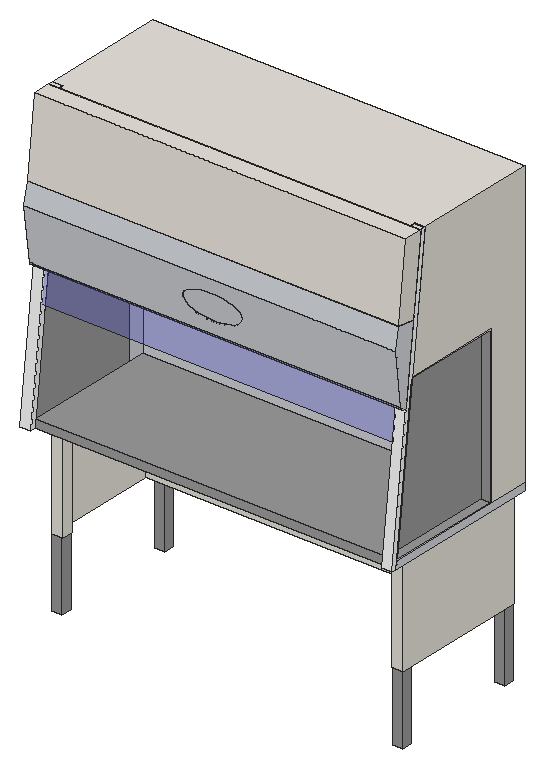
Revit family "NU-140 Vertical Airflow Workstation", category Mechanical Equipment, Revit 2018
Family settings
  Round Connector Dimension = Use Diameter
  Part Type = Normal
  OmniClass Number = 23.75.00.00
  OmniClass Title = Climate Control (HVAC)
  Work Plane-Based = No
  Always vertical = Yes
  Cut with Voids When Loaded = No
  Shared = No
  Room Calculation Point = No
Parameters (values of type "NU-140-630")
  WORKZONE WIDTH = 5' - 10"
  WORKZONE DEPTH = 2' - 3"
  WIDTH = 6' - 2"
  Model = "NU-140-630 VERTICAL AIRFLOW WORKSTATION"
  Manufacturer = "Nuaire inc."
  DEPTH = 2' - 8"
Types (5): name | WORKZONE WIDTH | WIDTH | Model
  (no name) | 5' - 10" | 6' - 2" | "NU-140-630 VERTICAL AIRFLOW WORKSTATION"
  NU-140-330 | 2' - 10" | 3' - 2" | "NU-140-330 VERTICAL AIRFLOW WORKSTATION"
  NU-140-430 | 3' - 10" | 4' - 2" | "NU-140-430 VERTICAL AIRFLOW WORKSTATION"
  NU-140-530 | 4' - 10" | 5' - 2" | "NU-140-530 VERTICAL AIRFLOW WORKSTATION"
  NU-140-630 | 5' - 10" | 6' - 2" | "NU-140-630 VERTICAL AIRFLOW WORKSTATION"
Reference planes (in)
  plane 1 "Center (Front/Back)": y = 0
  plane 2: z = 0
  plane 3 "Center (Left/Right)": x = 0
  plane 4 "WS THICKNESS": z = 34.5
  plane 5 "WS TOP": z = 36
  plane 6: x = -35
  plane 7: x = 35
  plane 8: y = -16
  plane 9: y = 11
  plane 10: z = 92.5
  plane 11: x = 35.125
  plane 12: x = -35.125
  plane 13: z = 13.75
Forms (in)
  Extrusion 1, solid
    sketch origin (0, 0, 0) x (1, 0, 0) y (0, 1, 0)
      loop
        line (-37, -16) -> (37, -16) -> (37, 16) -> (-37, 16) -> (-37, -16)
    from 34.5 to 36
  Extrusion 2, void
    sketch origin (0, 0, 0) x (0, 1, 0) y (0, 0, 1)
      loop
        line (-16, 34.5) -> (-15.81582, 36) -> (-16, 36) -> (-16, 34.5)
    from -37 to 37
  Extrusion 3, solid
    sketch origin (0, 0, 0) x (0, 1, 0) y (0, 0, 1)
      loop
        line (-15.81582, 36) -> (7.75, 36) -> (7.75, 67) -> (-12.0095, 67) -> (-15.81582, 36)
    from -37 to 37
  Extrusion 4, void
    sketch origin (0, 0, 0) x (0, 1, 0) y (0, 0, 1)
      loop
        line (-16, 36) -> (11, 36) -> (11, 67) -> (-16, 67) -> (-16, 36)
    from -35 to 35
  Extrusion 5, solid
    sketch origin (0, 0, 0) x (1, 0, 0) y (0, 1, 0)
      loop
        line (-37, 16) -> (-37, 7.75) -> (-35, 7.75) -> (-35, 11) -> (35, 11) -> (35, 7.75) -> (37, 7.75) -> (37, 16) -> (-37, 16)
    from 36 to 92.5
  Extrusion 6, solid
    sketch origin (0, 0, 0) x (1, 0, 0) y (0, 1, 0)
      loop
        line (-35, 16) -> (-35, 7.75) -> (35, 7.75) -> (35, 16) -> (-35, 16)
    from 67 to 92.5
  Extrusion 7, solid
    sketch origin (0, 0, 0) x (0, 1, 0) y (0, 0, 1)
      loop
        line (7.75, 67) -> (7.75, 92.5) -> (-8.8785, 92.5) -> (-12.0095, 67) -> (7.75, 67)
    from -37 to 37
  Extrusion 8, void
    sketch origin (37, 0, 0) x (0, -1, 0) y (0, 0, 1)
      loop
        line (11.89891, 66.875) -> (-7.625, 66.875) -> (-7.625, 36.125) -> (15.67454, 36.125) -> (11.89891, 66.875)
    from 0 to 1.875
  Extrusion 9, void
    sketch origin (-37, 0, 0) x (0, 1, 0) y (0, 0, 1)
      loop
        line (7.625, 66.875) -> (-11.89891, 66.875) -> (-15.67454, 36.125) -> (7.625, 36.125) -> (7.625, 66.875)
    from 0 to 1.875
  Extrusion 10, solid
    sketch origin (-37, 0, 0) x (0, -1, 0) y (0, 0, 1)
      loop
        line (9.88601, 92.5) -> (8.8785, 92.5) -> (16, 34.5) -> (17.00751, 34.5) -> (9.88601, 92.5)
    from -74 to -72
  Extrusion 11, solid
    sketch origin (0, 0, 0) x (0, 1, 0) y (0, 0, 1)
      loop
        line (-16, 34.5) -> (-8.8785, 92.5) -> (-9.88601, 92.5) -> (-17.00751, 34.5) -> (-16, 34.5)
    from -37 to -35
  Extrusion 12, solid
    sketch origin (0, 0, 0) x (0, 1, 0) y (0, 0, 1)
      loop
        line (-9.88601, 92.5) -> (-13.41229, 92.5) -> (-15.23983, 77.6159) -> (-11.76592, 77.18935) -> (-9.88601, 92.5)
    from -37 to 37
  Extrusion 13, solid
    sketch origin (0, -8.8785, 92.5) x (0, 1, 0) y (-1, 0, 0)
      loop
        line (0, 35) -> (-1.00751, 35) -> (-1.00751, -35) -> (0, -35) -> (0, 35)
    from 0 to -1.29965
  Extrusion 14, solid
    sketch origin (0, 0, 0) x (0, 1, 0) y (0, 0, 1)
      loop
        line (-11.51687, 77.21133) -> (-14.16752, 55.62346) -> (-13.91939, 55.59299) -> (-11.26873, 77.18087) -> (-11.51687, 77.21133)
    from -35 to 35
  Extrusion 15, solid
    sketch origin (0, 0, 0) x (0, 1, 0) y (0, 0, 1)
      loop
        line (-11.78115, 77.06528) -> (-15.24639, 77.49076) -> (-16.03353, 73.44125) -> (-14.72578, 62.79051)
        arc (-14.72578, 62.79051) -> (-14.46861, 62.39449) -> (-14.02214, 62.24076) r 0.72519
        line (-14.02214, 62.24076) -> (-13.60137, 62.24076) -> (-11.78115, 77.06528)
    from -37 to 37
  Extrusion 16, void
    sketch origin (-0.29361, -16.12439, 74.18124) x (0, -0.121869, 0.992546) y (1, 0, 0)
      loop
        spline (-6.09169, -5.67514) -> (-5.37994, -5.47176) -> (-4.71669, -4.87548) -> (-4.14715, -3.92694) -> (-3.71012, -2.69077) -> (-3.4354, -1.25122) -> (-3.34169, 0.29361) -> (-3.4354, 1.83843) -> (-3.71012, 3.27798) -> (-4.14715, 4.51415) -> (-4.71669, 5.4627) -> (-5.37994, 6.05898) -> (-6.09169, 6.26236)
        spline (-6.09169, 6.26236) -> (-6.80345, 6.05898) -> (-7.46669, 5.4627) -> (-8.03624, 4.51415) -> (-8.47326, 3.27798) -> (-8.74799, 1.83843) -> (-8.84169, 0.29361) -> (-8.74799, -1.25122) -> (-8.47326, -2.69077) -> (-8.03624, -3.92694) -> (-7.46669, -4.87548) -> (-6.80345, -5.47176) -> (-6.09169, -5.67514)
    from -1.74367 to 0.06491
  Extrusion 17, solid
    sketch origin (0, 0, 0) x (1, 0, 0) y (0, 1, 0)
      loop
        line (-35, 16) -> (-35, -11.75) -> (-32.75, -11.75) -> (-32.75, -9.5) -> (-34.75, -9.5) -> (-34.75, 13.75) -> (-32.75, 13.75) -> (-32.75, 16) -> (-35, 16)
      loop
        line (35, 16) -> (32.75, 16) -> (32.75, 13.75) -> (34.75, 13.75) -> (34.75, -9.5) -> (32.75, -9.5) -> (32.75, -11.75) -> (35, -11.75) -> (35, 16)
    from 13.75 to 34.5
  Extrusion 18, solid
    sketch origin (0, 0, 0) x (1, 0, 0) y (0, 1, 0)
      loop
        line (-34.8828, 15.84075) -> (-34.8828, 13.84075) -> (-32.8828, 13.84075) -> (-32.8828, 15.84075) -> (-34.8828, 15.84075)
      loop
        line (32.875, 15.84075) -> (32.875, 13.84075) -> (34.875, 13.84075) -> (34.875, 15.84075) -> (32.875, 15.84075)
      loop
        line (32.875, -9.69329) -> (32.875, -11.69329) -> (34.875, -11.69329) -> (34.875, -9.69329) -> (32.875, -9.69329)
      loop
        line (-34.8828, -11.69329) -> (-32.8828, -11.69329) -> (-32.8828, -9.69329) -> (-34.8828, -9.69329) -> (-34.8828, -11.69329)
    from 0 to 13.75
  Extrusion 19, solid
    sketch origin (0, 0, 0) x (0, 1, 0) y (0, 0, 1)
      loop
        line (13.48679, 23.65295) -> (11.23679, 23.65295) -> (11.23679, 13.90295) -> (13.48679, 13.90295) -> (13.48679, 23.65295)
    from -34.75 to 34.75
  Extrusion 20, solid
    sketch origin (37, 16, 0) x (-1, 0, 0) y (0, 0, 1)
      loop
        circle (2, 82.5) r 0.5
    from 0 to 0.10433
Cuts and joins
  Extrusion 2, Extrusion 4 cuts Extrusion 1
  Extrusion 4, Extrusion 8, Extrusion 9 cuts Extrusion 3
  Extrusion 16 cuts Extrusion 7
  Extrusion 16 cuts Extrusion 13
  joined: Extrusion 5, Extrusion 6, Extrusion 7, Extrusion 13
  Extrusion 16 cuts Extrusion 14
  Extrusion 16 cuts Extrusion 15
Dimensions and locks (in)
  equal spacing: Extrusion 1 sketch curve, plane 3 "Center (Left/Right)", Extrusion 1 sketch curve
  equal spacing: Extrusion 1 sketch curve, plane 1 "Center (Front/Back)", Extrusion 1 sketch curve, locked at 16 each
  locked: Extrusion 1 sketch curve to Extrusion 1 sketch curve at 32
  "WIDTH": Extrusion 1 sketch curve to Extrusion 1 sketch curve
  locked: plane 4 "WS THICKNESS" to plane 2 at 34.5
  locked: plane 5 "WS TOP" to plane 4 "WS THICKNESS" at 1.5
  equal spacing: plane 6, plane 3 "Center (Left/Right)", plane 7
  "WORKZONE WIDTH": plane 6 to plane 7
  locked: Extrusion 3 sketch curve to Extrusion 3 sketch curve at 31
  locked: Extrusion 3 sketch curve to cut or joined group of Extrusion 1, Extrusion 2, Extrusion 4 at 8.25
  "WORKZONE DEPTH": plane 9 to plane 8
  locked: plane 11 to plane 7 at 0.125
  locked: plane 12 to plane 6 at 0.125
  locked: plane 4 "WS THICKNESS" to Extrusion 11 at 58
  plane 6 to Extrusion 13 = 5' - 10"
  cut or joined group of Extrusion 3, Extrusion 4, Extrusion 8, Extrusion 9 to Extrusion 14 sketch curve to Extrusion 14 sketch curve = 0' - 0.50549" locked, 0' - 0 1/4" locked
  Extrusion 14 sketch curve to plane 5 "WS TOP" = 1' - 7.59299"
  equal spacing: plane 7, Extrusion 16 sketch curve, plane 6
  Extrusion 18 sketch curve to Extrusion 18 sketch curve to plane 6 = 0' - 2" locked, 0' - 0 15/128" locked
  Extrusion 18 sketch curve to Extrusion 18 sketch curve to Extrusion 18 sketch curve = 0' - 2" locked, 1' - 11.53403"
  locked: Extrusion 18 sketch curve to Extrusion 18 sketch curve at 2
  Extrusion 18 sketch curve to Extrusion 18 sketch curve to plane 7 = 0' - 2" locked, 0' - 0 1/8" locked
  locked: Extrusion 17 sketch curve to Extrusion 17 sketch curve at 0.25  (x2)
  locked: Extrusion 17 sketch curve to Extrusion 17 sketch curve at 2.25  (x2)
  locked: Extrusion 20 sketch curve to plane 10 at 10
  locked: cut or joined group of Extrusion 5, Extrusion 6, Extrusion 7, Extrusion 13, Extrusion 16 to Extrusion 20 sketch curve at 2
  angle Extrusion 12 sketch curve to Extrusion 12 sketch curve = 97.00°
  aligned and locked: level to plane 2
  aligned and locked: plane 5 "WS TOP" to Extrusion 1
  aligned and locked: Extrusion 1 to plane 4 "WS THICKNESS"
  aligned and locked: Extrusion 2 to Extrusion 1  (x2)
  aligned and locked: plane 5 "WS TOP" to Extrusion 3 sketch curve
  aligned and locked: cut or joined group of Extrusion 1, Extrusion 2, Extrusion 4 to Extrusion 3 sketch curve
  aligned and locked: Extrusion 3 to cut or joined group of Extrusion 1, Extrusion 2, Extrusion 4
  aligned and locked: cut or joined group of Extrusion 1, Extrusion 2, Extrusion 4 to Extrusion 3
  aligned and locked: Extrusion 4 sketch curve to plane 5 "WS TOP"
  aligned and locked: plane 8 to Extrusion 4 sketch curve
  aligned and locked: Extrusion 4 sketch curve to plane 9
  aligned and locked: Extrusion 4 sketch curve to Extrusion 3
  aligned and locked: plane 7 to Extrusion 4
  aligned and locked: Extrusion 4 to plane 6
  aligned and locked: cut or joined group of Extrusion 1, Extrusion 2, Extrusion 4 to Extrusion 5 sketch curve
  aligned and locked: Extrusion 5 sketch curve to cut or joined group of Extrusion 3, Extrusion 4, Extrusion 8, Extrusion 9
  aligned and locked: Extrusion 5 sketch curve to plane 7
  aligned and locked: plane 9 to Extrusion 5 sketch curve
  aligned and locked: plane 6 to Extrusion 5 sketch curve
  aligned and locked: Extrusion 5 sketch curve to cut or joined group of Extrusion 1, Extrusion 2, Extrusion 4  (x2)
  aligned and locked: plane 10 to Extrusion 5
  aligned and locked: Extrusion 5 to plane 5 "WS TOP"
  aligned and locked: Extrusion 6 sketch curve to cut or joined group of Extrusion 1, Extrusion 2, Extrusion 4
  aligned and locked: Extrusion 6 sketch curve to plane 7
  aligned and locked: plane 6 to Extrusion 6 sketch curve
  aligned and locked: Extrusion 6 to cut or joined group of Extrusion 3, Extrusion 4, Extrusion 8, Extrusion 9  (x2)
  aligned and locked: Extrusion 6 to Extrusion 5
  aligned and locked: Extrusion 7 sketch curve to plane 10
  aligned and locked: Extrusion 7 sketch curve to cut or joined group of Extrusion 3, Extrusion 4, Extrusion 8, Extrusion 9  (x2)
  aligned and locked: cut or joined group of Extrusion 1, Extrusion 2, Extrusion 4 to Extrusion 7
  aligned and locked: Extrusion 7 to cut or joined group of Extrusion 1, Extrusion 2, Extrusion 4
  aligned and locked: plane 11 to Extrusion 8
  aligned and locked: cut or joined group of Extrusion 3, Extrusion 4, Extrusion 8, Extrusion 9 to Extrusion 9 sketch curve
  aligned and locked: Extrusion 9 sketch curve to cut or joined group of Extrusion 3, Extrusion 4, Extrusion 8, Extrusion 9  (x3)
  aligned and locked: Extrusion 9 to cut or joined group of Extrusion 1, Extrusion 2, Extrusion 4
  aligned and locked: Extrusion 9 to plane 12
  aligned and locked: Extrusion 10 sketch curve to plane 4 "WS THICKNESS"
  aligned and locked: Extrusion 10 sketch curve to cut or joined group of Extrusion 1, Extrusion 2, Extrusion 4
  aligned and locked: plane 10 to Extrusion 10 sketch curve
  aligned and locked: Extrusion 10 to cut or joined group of Extrusion 1, Extrusion 2, Extrusion 4
  aligned and locked: Extrusion 10 to plane 7
  aligned and locked: Extrusion 11 to cut or joined group of Extrusion 1, Extrusion 2, Extrusion 4
  aligned and locked: plane 6 to Extrusion 11
  aligned and locked: Extrusion 12 sketch curve to Extrusion 10
  aligned and locked: Extrusion 12 to cut or joined group of Extrusion 1, Extrusion 2, Extrusion 4
  aligned and locked: cut or joined group of Extrusion 1, Extrusion 2, Extrusion 4 to Extrusion 12
  aligned and locked: Extrusion 13 to plane 10
  aligned and locked: plane 7 to Extrusion 14
  aligned and locked: Extrusion 14 to plane 6
  aligned and locked: cut or joined group of Extrusion 1, Extrusion 2, Extrusion 4 to Extrusion 15
  aligned and locked: Extrusion 15 to cut or joined group of Extrusion 1, Extrusion 2, Extrusion 4
  aligned and locked: Extrusion 17 sketch curve to plane 6
  aligned and locked: Extrusion 17 sketch curve to plane 7
  aligned and locked: plane 4 "WS THICKNESS" to Extrusion 17
  aligned and locked: Extrusion 17 to plane 13
  aligned and locked: Extrusion 18 sketch curve to Extrusion 18 sketch curve  (x8)
  aligned and locked: Extrusion 18 to Extrusion 17
  aligned and locked: Extrusion 18 to level
  aligned and locked: Extrusion 19 to Extrusion 17  (x2)
Automatic sketch dimensions
  Extrusion 2 sketch curve to plane 4 "WS THICKNESS" = 0' - 0"
  Extrusion 2 sketch curve to plane 5 "WS TOP" = 0' - 0"
  plane 1 "Center (Front/Back)" to Extrusion 2 sketch curve = 1' - 3.81582"
  Extrusion 2 sketch curve to Extrusion 2 sketch curve = 0' - 0.18418"
  plane 9 to Extrusion 5 sketch curve = 0' - 3 1/4"
  plane 9 to Extrusion 6 sketch curve = 0' - 3 1/4"
  Extrusion 3 to Extrusion 8 sketch curve = 0' - 0 1/8"  (x5)
  Extrusion 10 sketch curve to Extrusion 10 sketch curve = 0' - 1.00751"  (x2)
  Extrusion 11 sketch curve to plane 4 "WS THICKNESS" = 0' - 0"
  Extrusion 11 sketch curve to plane 8 = 0' - 0"
  Extrusion 11 sketch curve to plane 10 = 0' - 0"
  Extrusion 11 sketch curve to Extrusion 11 sketch curve = 0' - 1.00751"  (x2)
  Extrusion 11 sketch curve to plane 8 = 0' - 6.11399"
  Extrusion 12 sketch curve to plane 10 = 0' - 0"
  Extrusion 12 sketch curve to plane 8 = 0' - 0.76017"
  Extrusion 12 sketch curve to Extrusion 12 sketch curve = 0' - 0.42654"
  Extrusion 7 to Extrusion 13 sketch curve = 0' - 0"
  Extrusion 13 sketch curve to Extrusion 13 sketch curve = 0' - 1.00751"
  Extrusion 7 to Extrusion 13 sketch curve = 0' - 2"  (x2)
  Extrusion 14 sketch curve to plane 8 = 0' - 4.48313"
  plane 8 to Extrusion 15 sketch curve = 0' - 0.03353"
  Extrusion 15 sketch curve to plane 8 = 0' - 0.75361"
  Extrusion 15 sketch curve to plane 8 = 0' - 1.27422"
  Extrusion 15 sketch curve to Extrusion 15 sketch curve = 0' - 0.42077"
  Extrusion 15 sketch curve to Extrusion 15 sketch curve = 0' - 3.46524"
  plane 5 "WS TOP" to Extrusion 15 sketch curve = 2' - 2.24076"
  Extrusion 15 sketch curve to Extrusion 15 sketch curve = 0' - 0.72519"
  Extrusion 15 sketch curve to Extrusion 15 sketch curve = 0' - 3.62403"
  Extrusion 15 sketch curve to Extrusion 15 sketch curve = 0' - 0.70365"
  Extrusion 15 sketch curve to Extrusion 15 sketch curve = 0' - 10.4753"
  Extrusion 15 to Extrusion 16 sketch curve = 0' - 5.38458"
  Extrusion 16 sketch curve to Extrusion 16 sketch curve = 0' - 5 31/32"
  plane 9 to Extrusion 7 sketch curve = 0' - 3 1/4"
  plane 6 to Extrusion 17 sketch curve = 0' - 2 1/4"
  Extrusion 17 sketch curve to plane 7 = 0' - 2 1/4"
  Extrusion 17 sketch curve to plane 8 = 0' - 4 1/4"  (x2)
  Extrusion 17 sketch curve to Extrusion 17 sketch curve = 0' - 2 1/4"  (x4)
  Extrusion 17 sketch curve to plane 9 = 0' - 2 3/4"  (x2)
  Extrusion 18 sketch curve to plane 9 = 0' - 2.84075"
  Extrusion 19 sketch curve to plane 9 = 0' - 0.23679"
  plane 13 to Extrusion 19 sketch curve = 0' - 0.15295"
  Extrusion 19 sketch curve to Extrusion 19 sketch curve = 0' - 2 1/4"
  Extrusion 19 sketch curve to Extrusion 19 sketch curve = 0' - 9 3/4"
  radius of Extrusion 20 sketch curve = 0' - 0 1/2"
Connectors (in)
  electrical at (35, 16.10433, 82.5)
    settings: on Extrusion 20, index 1, voltage 115 V, apparent load 0 VA, apparent load phase1 0 VA, apparent load phase2 0 VA, apparent load phase3 0 VA, power factor 1, load classification "Other", number of poles 1, system type 31, power factor state 1, is connector primary yes, connector utility no, sub classification motor no, connector description ""
